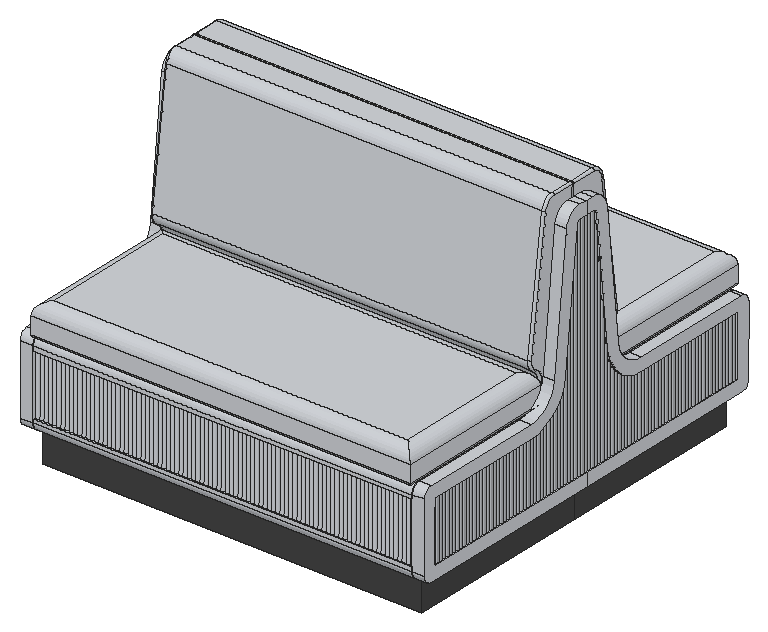
Revit family "Trenton Booth", category Furniture, Revit 2021 (continued)
Forms (mm)
  Extrusion 381, solid, material <- "Wood frame", visible <- "Double"
    from 139.7 to 323.863
  Extrusion 382, solid, material <- "Wood frame", visible <- "Double"
    sketch origin (-635, -88.9, 0) x (1, 0, 0) y (0, 1, 0)
      loop
        line (1231.9, 571.5) -> (1231.9, 558.8)
        arc (1231.9, 558.8) -> (1238.25, 565.15) -> (1231.9, 571.5) r 6.35
    from 139.7 to 323.863
  Extrusion 383, solid, material <- "Wood frame", visible <- "Double"
    sketch origin (-635, -101.6, 0) x (1, 0, 0) y (0, 1, 0)
      loop
        line (1231.9, 571.5) -> (1231.9, 558.8)
        arc (1231.9, 558.8) -> (1238.25, 565.15) -> (1231.9, 571.5) r 6.35
    from 139.7 to 323.863
  Extrusion 384, solid, material <- "Wood frame", visible <- "Double"
    sketch origin (-635, -114.3, 0) x (1, 0, 0) y (0, 1, 0)
      loop
        line (1231.9, 571.5) -> (1231.9, 558.8)
        arc (1231.9, 558.8) -> (1238.25, 565.15) -> (1231.9, 571.5) r 6.35
    from 139.7 to 323.863
  Extrusion 385, solid, material <- "Wood frame", visible <- "Double"
    sketch origin (-635, -127, 0) x (1, 0, 0) y (0, 1, 0)
      loop
        line (1231.9, 571.5) -> (1231.9, 558.8)
        arc (1231.9, 558.8) -> (1238.25, 565.15) -> (1231.9, 571.5) r 6.35
    from 139.7 to 323.863
  Extrusion 386, solid, material <- "Wood frame", visible <- "Double"
    sketch origin (-635, -139.7, 0) x (1, 0, 0) y (0, 1, 0)
      loop
        line (1231.9, 571.5) -> (1231.9, 558.8)
        arc (1231.9, 558.8) -> (1238.25, 565.15) -> (1231.9, 571.5) r 6.35
    from 139.7 to 323.863
  Extrusion 387, solid, material <- "Wood frame", visible <- "Double"
    sketch origin (-635, -152.4, 0) x (1, 0, 0) y (0, 1, 0)
      loop
        line (1231.9, 571.5) -> (1231.9, 558.8)
        arc (1231.9, 558.8) -> (1238.25, 565.15) -> (1231.9, 571.5) r 6.35
    from 139.7 to 323.863
  Extrusion 388, solid, material <- "Wood frame", visible <- "Double"
    sketch origin (-635, -165.1, 0) x (1, 0, 0) y (0, 1, 0)
      loop
        line (1231.9, 571.5) -> (1231.9, 558.8)
        arc (1231.9, 558.8) -> (1238.25, 565.15) -> (1231.9, 571.5) r 6.35
    from 139.7 to 323.863
  Extrusion 389, solid, material <- "Wood frame", visible <- "Double"
    sketch origin (-635, -177.8, 0) x (1, 0, 0) y (0, 1, 0)
      loop
        line (1231.9, 571.5) -> (1231.9, 558.8)
        arc (1231.9, 558.8) -> (1238.25, 565.15) -> (1231.9, 571.5) r 6.35
    from 139.7 to 323.863
  Extrusion 390, solid, material <- "Wood frame", visible <- "Double"
    sketch origin (-635, -190.5, 0) x (1, 0, 0) y (0, 1, 0)
      loop
        line (1231.9, 571.5) -> (1231.9, 558.8)
        arc (1231.9, 558.8) -> (1238.25, 565.15) -> (1231.9, 571.5) r 6.35
    from 139.7 to 323.863
  Extrusion 391, solid, material <- "Wood frame", visible <- "Double"
    sketch origin (-635, -203.2, 0) x (1, 0, 0) y (0, 1, 0)
      loop
        line (1231.9, 571.5) -> (1231.9, 558.8)
        arc (1231.9, 558.8) -> (1238.25, 565.15) -> (1231.9, 571.5) r 6.35
    from 139.7 to 323.863
  Extrusion 392, solid, material <- "Wood frame", visible <- "Double"
    sketch origin (-635, -215.9, 0) x (1, 0, 0) y (0, 1, 0)
      loop
        line (1231.9, 571.5) -> (1231.9, 558.8)
        arc (1231.9, 558.8) -> (1238.25, 565.15) -> (1231.9, 571.5) r 6.35
    from 139.7 to 323.863
  Extrusion 393, solid, material <- "Wood frame", visible <- "Double"
    sketch origin (-635, -228.6, 0) x (1, 0, 0) y (0, 1, 0)
      loop
        line (1231.9, 571.5) -> (1231.9, 558.8)
        arc (1231.9, 558.8) -> (1238.25, 565.15) -> (1231.9, 571.5) r 6.35
    from 139.7 to 323.863
  Extrusion 394, solid, material <- "Wood frame", visible <- "Double"
    sketch origin (-635, -241.3, 0) x (1, 0, 0) y (0, 1, 0)
      loop
        line (1231.9, 571.5) -> (1231.9, 558.8)
        arc (1231.9, 558.8) -> (1238.25, 565.15) -> (1231.9, 571.5) r 6.35
    from 139.7 to 323.863
  Extrusion 395, solid, material <- "Wood frame", visible <- "Double"
    sketch origin (-635, -254, 0) x (1, 0, 0) y (0, 1, 0)
      loop
        line (1231.9, 571.5) -> (1231.9, 558.8)
        arc (1231.9, 558.8) -> (1238.25, 565.15) -> (1231.9, 571.5) r 6.35
    from 139.7 to 323.863
  Extrusion 396, solid, material <- "Wood frame", visible <- "Double"
    sketch origin (-635, -266.7, 0) x (1, 0, 0) y (0, 1, 0)
      loop
        line (1231.9, 571.5) -> (1231.9, 558.8)
        arc (1231.9, 558.8) -> (1238.25, 565.15) -> (1231.9, 571.5) r 6.35
    from 139.7 to 323.863
  Extrusion 397, solid, material <- "Wood frame", visible <- "Double"
    sketch origin (-635, -279.4, 0) x (1, 0, 0) y (0, 1, 0)
      loop
        line (1231.9, 571.5) -> (1231.9, 558.8)
        arc (1231.9, 558.8) -> (1238.25, 565.15) -> (1231.9, 571.5) r 6.35
    from 139.7 to 323.863
  Extrusion 398, solid, material <- "Wood frame", visible <- "Double"
    sketch origin (-635, -292.1, 0) x (1, 0, 0) y (0, 1, 0)
      loop
        line (1231.9, 571.5) -> (1231.9, 558.8)
        arc (1231.9, 558.8) -> (1238.25, 565.15) -> (1231.9, 571.5) r 6.35
    from 139.7 to 323.863
  Extrusion 399, solid, material <- "Wood frame", visible <- "Double"
    sketch origin (-635, -304.8, 0) x (1, 0, 0) y (0, 1, 0)
      loop
        line (1231.9, 571.5) -> (1231.9, 558.8)
        arc (1231.9, 558.8) -> (1238.25, 565.15) -> (1231.9, 571.5) r 6.35
    from 139.7 to 323.863
  Extrusion 400, solid, material <- "Wood frame", visible <- "Double"
    sketch origin (-635, -317.5, 0) x (1, 0, 0) y (0, 1, 0)
      loop
        line (1231.9, 571.5) -> (1231.9, 558.8)
        arc (1231.9, 558.8) -> (1238.25, 565.15) -> (1231.9, 571.5) r 6.35
    from 139.7 to 323.863
  Extrusion 401, solid, material <- "Wood frame", visible <- "Double"
    sketch origin (-635, -330.2, 0) x (1, 0, 0) y (0, 1, 0)
      loop
        line (1231.9, 571.5) -> (1231.9, 558.8)
        arc (1231.9, 558.8) -> (1238.25, 565.15) -> (1231.9, 571.5) r 6.35
    from 139.7 to 323.863
  Extrusion 402, solid, material <- "Wood frame", visible <- "Double"
    sketch origin (-635, -342.9, 0) x (1, 0, 0) y (0, 1, 0)
      loop
        line (1231.9, 571.5) -> (1231.9, 558.8)
        arc (1231.9, 558.8) -> (1238.25, 565.15) -> (1231.9, 571.5) r 6.35
    from 139.7 to 324.839
  Extrusion 403, solid, material <- "Wood frame", visible <- "Double"
    sketch origin (-635, -355.6, 0) x (1, 0, 0) y (0, 1, 0)
      loop
        line (1231.9, 571.5) -> (1231.9, 558.8)
        arc (1231.9, 558.8) -> (1238.25, 565.15) -> (1231.9, 571.5) r 6.35
    from 139.7 to 341.99
  Extrusion 404, solid, material <- "Wood frame", visible <- "Double"
    sketch origin (-635, -368.3, 0) x (1, 0, 0) y (0, 1, 0)
      loop
        line (1231.9, 571.5) -> (1231.9, 558.8)
        arc (1231.9, 558.8) -> (1238.25, 565.15) -> (1231.9, 571.5) r 6.35
    from 139.7 to 341.99
  Extrusion 405, solid, material <- "Wood frame", visible <- "Double"
    sketch origin (-635, -381, 0) x (1, 0, 0) y (0, 1, 0)
      loop
        line (1231.9, 571.5) -> (1231.9, 558.8)
        arc (1231.9, 558.8) -> (1238.25, 565.15) -> (1231.9, 571.5) r 6.35
    from 139.7 to 341.99
  Extrusion 406, solid, material <- "Wood frame", visible <- "Double"
    sketch origin (-635, -393.7, 0) x (1, 0, 0) y (0, 1, 0)
      loop
        line (1231.9, 571.5) -> (1231.9, 558.8)
        arc (1231.9, 558.8) -> (1238.25, 565.15) -> (1231.9, 571.5) r 6.35
    from 139.7 to 341.99
  Extrusion 407, solid, material <- "Wood frame", visible <- "Double"
    sketch origin (-635, -406.4, 0) x (1, 0, 0) y (0, 1, 0)
      loop
        line (1231.9, 571.5) -> (1231.9, 558.8)
        arc (1231.9, 558.8) -> (1238.25, 565.15) -> (1231.9, 571.5) r 6.35
    from 139.7 to 341.99
  Extrusion 408, solid, material <- "Wood frame", visible <- "Double"
    sketch origin (-635, -419.1, 0) x (1, 0, 0) y (0, 1, 0)
      loop
        line (1231.9, 571.5) -> (1231.9, 558.8)
        arc (1231.9, 558.8) -> (1238.25, 565.15) -> (1231.9, 571.5) r 6.35
    from 139.7 to 361.95
  Extrusion 409, solid, material <- "Wood frame", visible <- "Double"
    sketch origin (-635, -431.8, 0) x (1, 0, 0) y (0, 1, 0)
      loop
        line (1231.9, 571.5) -> (1231.9, 558.8)
        arc (1231.9, 558.8) -> (1238.25, 565.15) -> (1231.9, 571.5) r 6.35
    from 139.7 to 361.95
  Extrusion 410, solid, material <- "Wood frame", visible <- "Double"
    sketch origin (-635, -444.5, 0) x (1, 0, 0) y (0, 1, 0)
      loop
        line (1231.9, 571.5) -> (1231.9, 558.8)
        arc (1231.9, 558.8) -> (1238.25, 565.15) -> (1231.9, 571.5) r 6.35
    from 139.7 to 378.749
  Extrusion 411, solid, material <- "Wood frame", visible <- "Double"
    sketch origin (-635, -457.2, 0) x (1, 0, 0) y (0, 1, 0)
      loop
        line (1231.9, 571.5) -> (1231.9, 558.8)
        arc (1231.9, 558.8) -> (1238.25, 565.15) -> (1231.9, 571.5) r 6.35
    from 139.7 to 416.58
  Extrusion 412, solid, material <- "Wood frame", visible <- "Double"
    sketch origin (-635, -469.9, 0) x (1, 0, 0) y (0, 1, 0)
      loop
        line (1231.9, 571.5) -> (1231.9, 558.8)
        arc (1231.9, 558.8) -> (1238.25, 565.15) -> (1231.9, 571.5) r 6.35
    from 139.7 to 416.58
  Extrusion 413, solid, material <- "Wood frame", visible <- "Double"
    sketch origin (-635, -482.6, 0) x (1, 0, 0) y (0, 1, 0)
      loop
        line (1231.9, 571.5) -> (1231.9, 558.8)
        arc (1231.9, 558.8) -> (1238.25, 565.15) -> (1231.9, 571.5) r 6.35
    from 139.7 to 534.528
  Extrusion 414, solid, material <- "Wood frame", visible <- "Double"
    sketch origin (-635, -495.3, 0) x (1, 0, 0) y (0, 1, 0)
      loop
        line (1231.9, 571.5) -> (1231.9, 558.8)
        arc (1231.9, 558.8) -> (1238.25, 565.15) -> (1231.9, 571.5) r 6.35
    from 139.7 to 653.333
  Extrusion 415, solid, material <- "Wood frame", visible <- "Double"
    sketch origin (-635, -508, 0) x (1, 0, 0) y (0, 1, 0)
      loop
        line (1231.9, 571.5) -> (1231.9, 558.8)
        arc (1231.9, 558.8) -> (1238.25, 565.15) -> (1231.9, 571.5) r 6.35
    from 139.7 to 838.2
  Extrusion 416, solid, material <- "Wood frame", visible <- "Double"
    sketch origin (-635, -520.7, 0) x (1, 0, 0) y (0, 1, 0)
      loop
        line (1231.9, 571.5) -> (1231.9, 558.8)
        arc (1231.9, 558.8) -> (1238.25, 565.15) -> (1231.9, 571.5) r 6.35
    from 139.7 to 838.2
  Extrusion 417, solid, material <- "Wood frame", visible <- "Double"
    sketch origin (-635, -533.4, 0) x (1, 0, 0) y (0, 1, 0)
      loop
        line (1231.9, 571.5) -> (1231.9, 558.8)
        arc (1231.9, 558.8) -> (1238.25, 565.15) -> (1231.9, 571.5) r 6.35
    from 139.7 to 838.2
  Extrusion 418, solid, material <- "Wood frame", visible <- "Double"
    sketch origin (-635, -546.1, 0) x (1, 0, 0) y (0, 1, 0)
      loop
        line (1231.9, 571.5) -> (1231.9, 558.8)
        arc (1231.9, 558.8) -> (1238.25, 565.15) -> (1231.9, 571.5) r 6.35
    from 139.7 to 838.2
  Extrusion 419, solid, material <- "Wood frame", visible <- "Double"
    sketch origin (-635, -558.8, 0) x (1, 0, 0) y (0, 1, 0)
      loop
        line (1231.9, 571.5) -> (1231.9, 558.8)
        arc (1231.9, 558.8) -> (1238.25, 565.15) -> (1231.9, 571.5) r 6.35
    from 139.7 to 838.2
  Extrusion 420, solid, material <- "Seat upholstery", visible <- "Double"
    sketch origin (0, 0, 0) x (0, -1, 0) y (0, 0, -1)
      loop
        line (-615.95, -457.2) -> (-127.991, -457.2) -> (-127.991, -361.95) -> (-615.95, -361.95) -> (-615.95, -457.2)
    from -571.5 to 571.5
  Extrusion 421, solid, material <- "Back upholstery", visible <- "Double"
    sketch origin (0, 0, 0) x (0, -1, 0) y (0, 0, -1)
      loop
        line (0, -361.95) -> (-127.32, -361.95) -> (-127.32, -429.427)
        arc (-127.32, -429.427) -> (-132.413, -448.458) -> (-146.332, -462.401) r 38.1
        arc (-146.332, -462.401) -> (-161.42, -478.593) -> (-164.909, -500.449) r 37.948
        line (-164.909, -500.449) -> (-112.457, -881.496)
        arc (-112.457, -881.496) -> (-99.75, -905.019) -> (-74.713, -914.4) r 38.1
        line (-74.713, -914.4) -> (6.35, -914.4)
        arc (6.35, -914.4) -> (1.86, -912.54) -> (0, -908.05) r 6.35
        line (0, -908.05) -> (0, -361.95)
    from -571.5 to 571.5
  Extrusion 422, solid, material <- "Wood frame", visible <- "Double"
    sketch origin (635, 0, 0) x (-1, 0, 0) y (0, -1, 0)
      loop
        arc (1231.9, -571.5) -> (1238.25, -565.15) -> (1231.9, -558.8) r 6.35
        line (1231.9, -558.8) -> (1231.9, -571.5)
    from 139.7 to 323.863
  Extrusion 423, solid, material <- "Wood frame", visible <- "Double"
    sketch origin (635, -12.7, 0) x (-1, 0, 0) y (0, -1, 0)
      loop
        arc (1231.9, -571.5) -> (1238.25, -565.15) -> (1231.9, -558.8) r 6.35
        line (1231.9, -558.8) -> (1231.9, -571.5)
    from 139.7 to 323.863
  Extrusion 424, solid, material <- "Wood frame", visible <- "Double"
    sketch origin (635, -25.4, 0) x (-1, 0, 0) y (0, -1, 0)
      loop
        arc (1231.9, -571.5) -> (1238.25, -565.15) -> (1231.9, -558.8) r 6.35
        line (1231.9, -558.8) -> (1231.9, -571.5)
    from 139.7 to 323.863
  Extrusion 425, solid, material <- "Wood frame", visible <- "Double"
    sketch origin (635, -38.1, 0) x (-1, 0, 0) y (0, -1, 0)
      loop
        arc (1231.9, -571.5) -> (1238.25, -565.15) -> (1231.9, -558.8) r 6.35
        line (1231.9, -558.8) -> (1231.9, -571.5)
    from 139.7 to 323.863
  Extrusion 426, solid, material <- "Wood frame", visible <- "Double"
    sketch origin (635, -50.8, 0) x (-1, 0, 0) y (0, -1, 0)
      loop
        arc (1231.9, -571.5) -> (1238.25, -565.15) -> (1231.9, -558.8) r 6.35
        line (1231.9, -558.8) -> (1231.9, -571.5)
    from 139.7 to 323.863
  Extrusion 427, solid, material <- "Wood frame", visible <- "Double"
    sketch origin (635, -63.5, 0) x (-1, 0, 0) y (0, -1, 0)
      loop
        arc (1231.9, -571.5) -> (1238.25, -565.15) -> (1231.9, -558.8) r 6.35
        line (1231.9, -558.8) -> (1231.9, -571.5)
    from 139.7 to 323.863
  Extrusion 428, solid, material <- "Wood frame", visible <- "Double"
    sketch origin (635, -76.2, 0) x (-1, 0, 0) y (0, -1, 0)
      loop
        arc (1231.9, -571.5) -> (1238.25, -565.15) -> (1231.9, -558.8) r 6.35
        line (1231.9, -558.8) -> (1231.9, -571.5)
    from 139.7 to 323.863
  Extrusion 429, solid, material <- "Wood frame", visible <- "Double"
    sketch origin (635, -88.9, 0) x (-1, 0, 0) y (0, -1, 0)
      loop
        arc (1231.9, -571.5) -> (1238.25, -565.15) -> (1231.9, -558.8) r 6.35
        line (1231.9, -558.8) -> (1231.9, -571.5)
    from 139.7 to 323.863
  Extrusion 430, solid, material <- "Wood frame", visible <- "Double"
    sketch origin (635, -101.6, 0) x (-1, 0, 0) y (0, -1, 0)
      loop
        arc (1231.9, -571.5) -> (1238.25, -565.15) -> (1231.9, -558.8) r 6.35
        line (1231.9, -558.8) -> (1231.9, -571.5)
    from 139.7 to 323.863
  Extrusion 431, solid, material <- "Wood frame", visible <- "Double"
    sketch origin (635, -114.3, 0) x (-1, 0, 0) y (0, -1, 0)
      loop
        arc (1231.9, -571.5) -> (1238.25, -565.15) -> (1231.9, -558.8) r 6.35
        line (1231.9, -558.8) -> (1231.9, -571.5)
    from 139.7 to 323.863
  Extrusion 432, solid, material <- "Wood frame", visible <- "Double"
    sketch origin (635, -127, 0) x (-1, 0, 0) y (0, -1, 0)
      loop
        arc (1231.9, -571.5) -> (1238.25, -565.15) -> (1231.9, -558.8) r 6.35
        line (1231.9, -558.8) -> (1231.9, -571.5)
    from 139.7 to 323.863
  Extrusion 433, solid, material <- "Wood frame", visible <- "Double"
    sketch origin (635, -139.7, 0) x (-1, 0, 0) y (0, -1, 0)
      loop
        arc (1231.9, -571.5) -> (1238.25, -565.15) -> (1231.9, -558.8) r 6.35
        line (1231.9, -558.8) -> (1231.9, -571.5)
    from 139.7 to 323.863
  Extrusion 434, solid, material <- "Wood frame", visible <- "Double"
    sketch origin (635, -152.4, 0) x (-1, 0, 0) y (0, -1, 0)
      loop
        arc (1231.9, -571.5) -> (1238.25, -565.15) -> (1231.9, -558.8) r 6.35
        line (1231.9, -558.8) -> (1231.9, -571.5)
    from 139.7 to 323.863
  Extrusion 435, solid, material <- "Wood frame", visible <- "Double"
    sketch origin (635, -165.1, 0) x (-1, 0, 0) y (0, -1, 0)
      loop
        arc (1231.9, -571.5) -> (1238.25, -565.15) -> (1231.9, -558.8) r 6.35
        line (1231.9, -558.8) -> (1231.9, -571.5)
    from 139.7 to 323.863
  Extrusion 436, solid, material <- "Wood frame", visible <- "Double"
    sketch origin (635, -177.8, 0) x (-1, 0, 0) y (0, -1, 0)
      loop
        arc (1231.9, -571.5) -> (1238.25, -565.15) -> (1231.9, -558.8) r 6.35
        line (1231.9, -558.8) -> (1231.9, -571.5)
    from 139.7 to 323.863
  Extrusion 437, solid, material <- "Wood frame", visible <- "Double"
    sketch origin (635, -190.5, 0) x (-1, 0, 0) y (0, -1, 0)
      loop
        arc (1231.9, -571.5) -> (1238.25, -565.15) -> (1231.9, -558.8) r 6.35
        line (1231.9, -558.8) -> (1231.9, -571.5)
    from 139.7 to 323.863
  Extrusion 438, solid, material <- "Wood frame", visible <- "Double"
    sketch origin (635, -203.2, 0) x (-1, 0, 0) y (0, -1, 0)
      loop
        arc (1231.9, -571.5) -> (1238.25, -565.15) -> (1231.9, -558.8) r 6.35
        line (1231.9, -558.8) -> (1231.9, -571.5)
    from 139.7 to 323.863
  Extrusion 439, solid, material <- "Wood frame", visible <- "Double"
    sketch origin (635, -215.9, 0) x (-1, 0, 0) y (0, -1, 0)
      loop
        arc (1231.9, -571.5) -> (1238.25, -565.15) -> (1231.9, -558.8) r 6.35
        line (1231.9, -558.8) -> (1231.9, -571.5)
    from 139.7 to 323.863
  Extrusion 440, solid, material <- "Wood frame", visible <- "Double"
    sketch origin (635, -228.6, 0) x (-1, 0, 0) y (0, -1, 0)
      loop
        arc (1231.9, -571.5) -> (1238.25, -565.15) -> (1231.9, -558.8) r 6.35
        line (1231.9, -558.8) -> (1231.9, -571.5)
    from 139.7 to 323.863
  Extrusion 441, solid, material <- "Wood frame", visible <- "Double"
    sketch origin (635, -241.3, 0) x (-1, 0, 0) y (0, -1, 0)
      loop
        arc (1231.9, -571.5) -> (1238.25, -565.15) -> (1231.9, -558.8) r 6.35
        line (1231.9, -558.8) -> (1231.9, -571.5)
    from 139.7 to 323.863
  Extrusion 442, solid, material <- "Wood frame", visible <- "Double"
    sketch origin (635, -254, 0) x (-1, 0, 0) y (0, -1, 0)
      loop
        arc (1231.9, -571.5) -> (1238.25, -565.15) -> (1231.9, -558.8) r 6.35
        line (1231.9, -558.8) -> (1231.9, -571.5)
    from 139.7 to 323.863
  Extrusion 443, solid, material <- "Wood frame", visible <- "Double"
    sketch origin (635, -266.7, 0) x (-1, 0, 0) y (0, -1, 0)
      loop
        arc (1231.9, -571.5) -> (1238.25, -565.15) -> (1231.9, -558.8) r 6.35
        line (1231.9, -558.8) -> (1231.9, -571.5)
    from 139.7 to 323.863
  Extrusion 444, solid, material <- "Wood frame", visible <- "Double"
    sketch origin (635, -279.4, 0) x (-1, 0, 0) y (0, -1, 0)
      loop
        arc (1231.9, -571.5) -> (1238.25, -565.15) -> (1231.9, -558.8) r 6.35
        line (1231.9, -558.8) -> (1231.9, -571.5)
    from 139.7 to 323.863
  Extrusion 445, solid, material <- "Wood frame", visible <- "Double"
    sketch origin (635, -292.1, 0) x (-1, 0, 0) y (0, -1, 0)
      loop
        arc (1231.9, -571.5) -> (1238.25, -565.15) -> (1231.9, -558.8) r 6.35
        line (1231.9, -558.8) -> (1231.9, -571.5)
    from 139.7 to 323.863
  Extrusion 446, solid, material <- "Wood frame", visible <- "Double"
    sketch origin (635, -304.8, 0) x (-1, 0, 0) y (0, -1, 0)
      loop
        arc (1231.9, -571.5) -> (1238.25, -565.15) -> (1231.9, -558.8) r 6.35
        line (1231.9, -558.8) -> (1231.9, -571.5)
    from 139.7 to 323.863
  Extrusion 447, solid, material <- "Wood frame", visible <- "Double"
    sketch origin (635, -317.5, 0) x (-1, 0, 0) y (0, -1, 0)
      loop
        arc (1231.9, -571.5) -> (1238.25, -565.15) -> (1231.9, -558.8) r 6.35
        line (1231.9, -558.8) -> (1231.9, -571.5)
    from 139.7 to 323.863
  Extrusion 448, solid, material <- "Wood frame", visible <- "Double"
    sketch origin (635, -330.2, 0) x (-1, 0, 0) y (0, -1, 0)
      loop
        arc (1231.9, -571.5) -> (1238.25, -565.15) -> (1231.9, -558.8) r 6.35
        line (1231.9, -558.8) -> (1231.9, -571.5)
    from 139.7 to 323.863
  Extrusion 449, solid, material <- "Wood frame", visible <- "Double"
    sketch origin (635, -342.9, 0) x (-1, 0, 0) y (0, -1, 0)
      loop
        arc (1231.9, -571.5) -> (1238.25, -565.15) -> (1231.9, -558.8) r 6.35
        line (1231.9, -558.8) -> (1231.9, -571.5)
    from 139.7 to 324.839
  Extrusion 450, solid, material <- "Wood frame", visible <- "Double"
    sketch origin (635, -355.6, 0) x (-1, 0, 0) y (0, -1, 0)
      loop
        arc (1231.9, -571.5) -> (1238.25, -565.15) -> (1231.9, -558.8) r 6.35
        line (1231.9, -558.8) -> (1231.9, -571.5)
    from 139.7 to 341.99
  Extrusion 451, solid, material <- "Wood frame", visible <- "Double"
    sketch origin (635, -368.3, 0) x (-1, 0, 0) y (0, -1, 0)
      loop
        arc (1231.9, -571.5) -> (1238.25, -565.15) -> (1231.9, -558.8) r 6.35
        line (1231.9, -558.8) -> (1231.9, -571.5)
    from 139.7 to 341.99
  Extrusion 452, solid, material <- "Wood frame", visible <- "Double"
    sketch origin (635, -381, 0) x (-1, 0, 0) y (0, -1, 0)
      loop
        arc (1231.9, -571.5) -> (1238.25, -565.15) -> (1231.9, -558.8) r 6.35
        line (1231.9, -558.8) -> (1231.9, -571.5)
    from 139.7 to 341.99
  Extrusion 453, solid, material <- "Wood frame", visible <- "Double"
    sketch origin (635, -393.7, 0) x (-1, 0, 0) y (0, -1, 0)
      loop
        arc (1231.9, -571.5) -> (1238.25, -565.15) -> (1231.9, -558.8) r 6.35
        line (1231.9, -558.8) -> (1231.9, -571.5)
    from 139.7 to 341.99
  Extrusion 454, solid, material <- "Wood frame", visible <- "Double"
    sketch origin (635, -406.4, 0) x (-1, 0, 0) y (0, -1, 0)
      loop
        arc (1231.9, -571.5) -> (1238.25, -565.15) -> (1231.9, -558.8) r 6.35
        line (1231.9, -558.8) -> (1231.9, -571.5)
    from 139.7 to 341.99
  Extrusion 455, solid, material <- "Wood frame", visible <- "Double"
    sketch origin (635, -419.1, 0) x (-1, 0, 0) y (0, -1, 0)
      loop
        arc (1231.9, -571.5) -> (1238.25, -565.15) -> (1231.9, -558.8) r 6.35
        line (1231.9, -558.8) -> (1231.9, -571.5)
    from 139.7 to 361.95
  Extrusion 456, solid, material <- "Wood frame", visible <- "Double"
    sketch origin (635, -431.8, 0) x (-1, 0, 0) y (0, -1, 0)
      loop
        arc (1231.9, -571.5) -> (1238.25, -565.15) -> (1231.9, -558.8) r 6.35
        line (1231.9, -558.8) -> (1231.9, -571.5)
    from 139.7 to 361.95
  Extrusion 457, solid, material <- "Wood frame", visible <- "Double"
    sketch origin (635, -444.5, 0) x (-1, 0, 0) y (0, -1, 0)
      loop
        arc (1231.9, -571.5) -> (1238.25, -565.15) -> (1231.9, -558.8) r 6.35
        line (1231.9, -558.8) -> (1231.9, -571.5)
    from 139.7 to 378.749
  Extrusion 458, solid, material <- "Wood frame", visible <- "Double"
    sketch origin (635, -457.2, 0) x (-1, 0, 0) y (0, -1, 0)
      loop
        arc (1231.9, -571.5) -> (1238.25, -565.15) -> (1231.9, -558.8) r 6.35
        line (1231.9, -558.8) -> (1231.9, -571.5)
    from 139.7 to 416.58
  Extrusion 459, solid, material <- "Wood frame", visible <- "Double"
    sketch origin (635, -469.9, 0) x (-1, 0, 0) y (0, -1, 0)
      loop
        arc (1231.9, -571.5) -> (1238.25, -565.15) -> (1231.9, -558.8) r 6.35
        line (1231.9, -558.8) -> (1231.9, -571.5)
    from 139.7 to 416.58
  Extrusion 460, solid, material <- "Wood frame", visible <- "Double"
    sketch origin (635, -482.6, 0) x (-1, 0, 0) y (0, -1, 0)
      loop
        arc (1231.9, -571.5) -> (1238.25, -565.15) -> (1231.9, -558.8) r 6.35
        line (1231.9, -558.8) -> (1231.9, -571.5)
    from 139.7 to 534.528
  Extrusion 461, solid, material <- "Wood frame", visible <- "Double"
    sketch origin (635, -495.3, 0) x (-1, 0, 0) y (0, -1, 0)
      loop
        arc (1231.9, -571.5) -> (1238.25, -565.15) -> (1231.9, -558.8) r 6.35
        line (1231.9, -558.8) -> (1231.9, -571.5)
    from 139.7 to 653.333
  Extrusion 462, solid, material <- "Wood frame", visible <- "Double"
    sketch origin (635, -508, 0) x (-1, 0, 0) y (0, -1, 0)
      loop
        arc (1231.9, -571.5) -> (1238.25, -565.15) -> (1231.9, -558.8) r 6.35
        line (1231.9, -558.8) -> (1231.9, -571.5)
    from 139.7 to 838.2
  Extrusion 463, solid, material <- "Wood frame", visible <- "Double"
    sketch origin (635, -520.7, 0) x (-1, 0, 0) y (0, -1, 0)
      loop
        arc (1231.9, -571.5) -> (1238.25, -565.15) -> (1231.9, -558.8) r 6.35
        line (1231.9, -558.8) -> (1231.9, -571.5)
    from 139.7 to 838.2
  Extrusion 464, solid, material <- "Wood frame", visible <- "Double"
    sketch origin (635, -533.4, 0) x (-1, 0, 0) y (0, -1, 0)
      loop
        arc (1231.9, -571.5) -> (1238.25, -565.15) -> (1231.9, -558.8) r 6.35
        line (1231.9, -558.8) -> (1231.9, -571.5)
    from 139.7 to 838.2
  Extrusion 465, solid, material <- "Wood frame", visible <- "Double"
    sketch origin (635, -546.1, 0) x (-1, 0, 0) y (0, -1, 0)
      loop
        arc (1231.9, -571.5) -> (1238.25, -565.15) -> (1231.9, -558.8) r 6.35
        line (1231.9, -558.8) -> (1231.9, -571.5)
    from 139.7 to 838.2
  Extrusion 466, solid, material <- "Wood frame", visible <- "Double"
    sketch origin (635, -558.8, 0) x (-1, 0, 0) y (0, -1, 0)
      loop
        arc (1231.9, -571.5) -> (1238.25, -565.15) -> (1231.9, -558.8) r 6.35
        line (1231.9, -558.8) -> (1231.9, -571.5)
    from 139.7 to 838.2
  Sweep 467, void
    path in 3D
      loop
        line (-571.5, -615.95, 457.2) -> (-571.5, -127.991, 457.2) -> (571.5, -127.991, 457.2) -> (571.5, -615.95, 457.2) -> (-571.5, -615.95, 457.2)
    profile origin (0, -615.95, 457.2) x (0, -1, 0) y (0, 0, 1)
      loop
        line (0, 0) -> (-38.1, 0)
        arc (-38.1, 0) -> (-11.159, -11.159) -> (0, -38.1) r 38.1
        line (0, -38.1) -> (0, 0)
  Sweep 468, void
    path in 3D
      loop
        line (-571.5, -615.95, 361.95) -> (-571.5, -127.991, 361.95) -> (571.5, -127.991, 361.95) -> (571.5, -615.95, 361.95) -> (-571.5, -615.95, 361.95)
    profile origin (0, -615.95, 361.95) x (0, 1, 0) y (0, 0, -1)
      loop
        line (0, 0) -> (0, -6.35)
        arc (0, -6.35) -> (1.86, -1.86) -> (6.35, 0) r 6.35
        line (6.35, 0) -> (0, 0)
  Sweep 469, void
    path in 3D
      loop
        line (-571.5, 127.991, 457.2) -> (-571.5, 615.95, 457.2) -> (571.5, 615.95, 457.2) -> (571.5, 127.991, 457.2) -> (-571.5, 127.991, 457.2)
    profile origin (0, 127.991, 457.2) x (0, -1, 0) y (0, 0, 1)
      loop
        line (0, 0) -> (-38.1, 0)
        arc (-38.1, 0) -> (-11.159, -11.159) -> (0, -38.1) r 38.1
        line (0, -38.1) -> (0, 0)
  Sweep 470, void
    path in 3D
      loop
        line (-571.5, 127.991, 361.95) -> (-571.5, 615.95, 361.95) -> (571.5, 615.95, 361.95) -> (571.5, 127.991, 361.95) -> (-571.5, 127.991, 361.95)
    profile origin (0, 127.991, 361.95) x (0, 1, 0) y (0, 0, -1)
      loop
        line (0, 0) -> (0, -6.35)
        arc (0, -6.35) -> (1.86, -1.86) -> (6.35, 0) r 6.35
        line (6.35, 0) -> (0, 0)
  Sweep 471, void
    path in 3D
      loop
        arc (571.5, -74.713, 914.4) -> (571.5, -99.759, 905.011) -> (571.5, -112.461, 881.471) r 38.1
        line (571.5, -112.461, 881.471) -> (571.5, -164.909, 500.449)
        arc (571.5, -164.909, 500.449) -> (571.5, -161.42, 478.593) -> (571.5, -146.332, 462.401) r 37.948
        arc (571.5, -146.332, 462.401) -> (571.5, -132.413, 448.458) -> (571.5, -127.32, 429.427) r 38.1
        line (571.5, -127.32, 429.427) -> (571.5, -127.32, 361.95) -> (571.5, 0, 361.95) -> (571.5, 0, 908.05)
        arc (571.5, 0, 908.05) -> (571.5, -1.86, 912.54) -> (571.5, -6.35, 914.4) r 6.35
        line (571.5, -6.35, 914.4) -> (571.5, -74.713, 914.4)
    profile origin (571.5, -40.532, 914.4) x (1, 0, 0) y (0, 0, 1)
      loop
        line (0, 0) -> (-6.35, 0)
        arc (-6.35, 0) -> (-1.86, -1.86) -> (0, -6.35) r 6.35
        line (0, -6.35) -> (0, 0)
  Sweep 472, void
    path in 3D
      loop
        arc (-571.5, -74.713, 914.4) -> (-571.5, -99.759, 905.011) -> (-571.5, -112.461, 881.471) r 38.1
        line (-571.5, -112.461, 881.471) -> (-571.5, -164.909, 500.449)
        arc (-571.5, -164.909, 500.449) -> (-571.5, -161.42, 478.593) -> (-571.5, -146.332, 462.401) r 37.948
        arc (-571.5, -146.332, 462.401) -> (-571.5, -132.413, 448.458) -> (-571.5, -127.32, 429.427) r 38.1
        line (-571.5, -127.32, 429.427) -> (-571.5, -127.32, 361.95) -> (-571.5, 0, 361.95) -> (-571.5, 0, 908.05)
        arc (-571.5, 0, 908.05) -> (-571.5, -1.86, 912.54) -> (-571.5, -6.35, 914.4) r 6.35
        line (-571.5, -6.35, 914.4) -> (-571.5, -74.713, 914.4)
    profile origin (-571.5, -40.532, 914.4) x (1, 0, 0) y (0, 0, 1)
      loop
        line (0, 0) -> (0, -6.35)
        arc (0, -6.35) -> (1.86, -1.86) -> (6.35, 0) r 6.35
        line (6.35, 0) -> (0, 0)
  Extrusion 473, solid, material <- "Wood frame", visible <- "Double"
    sketch origin (0, 1270, 0) x (0, -1, 0) y (0, 0, -1)
      loop
        line (1270, -876.3) -> (1270, -838.2) -> (1245.618, -838.2)
        arc (1245.618, -838.2) -> (1237.148, -834.963) -> (1232.996, -826.902) r 12.7
        line (1232.996, -826.902) -> (1188.706, -436.541)
        arc (1188.706, -436.541) -> (1147.104, -356.126) -> (1062.511, -323.854) r 127.004
        line (1062.511, -323.854) -> (698.5, -323.854) -> (698.5, -139.7) -> (1270, -139.7) -> (1270, -101.6) -> (685.8, -101.6)
        arc (685.8, -101.6) -> (667.839, -109.039) -> (660.4, -127) r 25.4
        line (660.4, -127) -> (660.4, -336.55)
        arc (660.4, -336.55) -> (667.839, -354.511) -> (685.8, -361.95) r 25.4
        line (685.8, -361.95) -> (1063.431, -361.95)
        arc (1063.431, -361.95) -> (1122.72, -384.608) -> (1151.787, -441.033) r 88.9
        line (1151.787, -441.033) -> (1195.129, -831.11)
        arc (1195.129, -831.11) -> (1211.739, -863.353) -> (1245.618, -876.3) r 50.8
        line (1245.618, -876.3) -> (1270, -876.3)
    from 571.5 to 609.6
  Extrusion 474, solid, material <- "Wood frame", visible <- "Double"
    sketch origin (0, 1270, 0) x (0, -1, 0) y (0, 0, 1)
      loop
        line (1270, 876.3) -> (1245.618, 876.3)
        arc (1245.618, 876.3) -> (1211.739, 863.353) -> (1195.129, 831.11) r 50.8
        line (1195.129, 831.11) -> (1151.787, 441.033)
        arc (1151.787, 441.033) -> (1122.72, 384.608) -> (1063.431, 361.95) r 88.9
        line (1063.431, 361.95) -> (685.8, 361.95)
        arc (685.8, 361.95) -> (667.839, 354.511) -> (660.4, 336.55) r 25.4
        line (660.4, 336.55) -> (660.4, 127)
        arc (660.4, 127) -> (667.839, 109.039) -> (685.8, 101.6) r 25.4
        line (685.8, 101.6) -> (1270, 101.6) -> (1270, 139.7) -> (698.5, 139.7) -> (698.5, 323.72) -> (1061.937, 323.72)
        arc (1061.937, 323.72) -> (1146.674, 356.045) -> (1188.353, 436.594) r 127.229
        line (1188.353, 436.594) -> (1232.996, 826.902)
        arc (1232.996, 826.902) -> (1237.148, 834.963) -> (1245.618, 838.2) r 12.7
        line (1245.618, 838.2) -> (1270, 838.2) -> (1270, 876.3)
    from 571.5 to 609.6
  Extrusion 475, solid, material <- "Back upholstery", visible <- "Double"
    sketch origin (0, 0, 0) x (1, 0, 0) y (0, 1, 0)
      loop
        line (571.5, -6.35) -> (571.5, 0) -> (565.15, 0)
        arc (565.15, 0) -> (569.64, -1.86) -> (571.5, -6.35) r 6.35
    from 361.95 to 908.05
  Sweep 476, void
    path in 3D
      loop
        line (571.5, 127.32, 361.95) -> (571.5, 127.32, 429.427)
        arc (571.5, 127.32, 429.427) -> (571.5, 132.413, 448.458) -> (571.5, 146.332, 462.401) r 38.1
        arc (571.5, 146.332, 462.401) -> (571.5, 161.42, 478.593) -> (571.5, 164.909, 500.449) r 37.948
        line (571.5, 164.909, 500.449) -> (571.5, 112.457, 881.496)
        arc (571.5, 112.457, 881.496) -> (571.5, 99.75, 905.019) -> (571.5, 74.713, 914.4) r 38.1
        line (571.5, 74.713, 914.4) -> (571.5, -6.35, 914.4)
    profile origin (571.5, 34.182, 914.4) x (1, 0, 0) y (0, 0, 1)
      loop
        arc (-6.35, 0) -> (-1.86, -1.86) -> (0, -6.35) r 6.35
        line (0, -6.35) -> (0, 0) -> (-6.35, 0)
  Extrusion 477, solid, material <- "Back upholstery", visible <- "Double"
    sketch origin (0, 0, 0) x (1, 0, 0) y (0, 0, 1)
      loop
        arc (571.5, 908.05) -> (569.64, 912.54) -> (565.15, 914.4) r 6.35
        line (565.15, 914.4) -> (565.15, 908.05) -> (571.5, 908.05)
    from 0 to 6.35
  Extrusion 478, solid, material <- "Back upholstery", visible <- "Double"
    sketch origin (0, 0, 0) x (-1, 0, 0) y (0, -1, 0)
      loop
        arc (571.5, 6.35) -> (569.64, 1.86) -> (565.15, 0) r 6.35
        line (565.15, 0) -> (571.5, 0) -> (571.5, 6.35)
    from 361.95 to 908.05
  Sweep 479, void
    path in 3D
      loop
        line (-571.5, 127.32, 361.95) -> (-571.5, 127.32, 429.427)
        arc (-571.5, 127.32, 429.427) -> (-571.5, 132.413, 448.458) -> (-571.5, 146.332, 462.401) r 38.1
        arc (-571.5, 146.332, 462.401) -> (-571.5, 161.42, 478.593) -> (-571.5, 164.909, 500.449) r 37.948
        line (-571.5, 164.909, 500.449) -> (-571.5, 112.457, 881.496)
        arc (-571.5, 112.457, 881.496) -> (-571.5, 99.75, 905.019) -> (-571.5, 74.713, 914.4) r 38.1
        line (-571.5, 74.713, 914.4) -> (-571.5, -6.35, 914.4)
    profile origin (-571.5, 34.182, 914.4) x (1, 0, 0) y (0, 0, 1)
      loop
        line (6.35, 0) -> (0, 0) -> (0, -6.35)
        arc (0, -6.35) -> (1.86, -1.86) -> (6.35, 0) r 6.35
  Extrusion 480, solid, material <- "Back upholstery", visible <- "Double"
    sketch origin (0, 0, 0) x (-1, 0, 0) y (0, 0, -1)
      loop
        line (571.5, -908.05) -> (565.15, -908.05) -> (565.15, -914.4)
        arc (565.15, -914.4) -> (569.64, -912.54) -> (571.5, -908.05) r 6.35
    from 0 to 6.35
Cuts and joins
  joined: Extrusion 186, Extrusion 187, Extrusion 188, Extrusion 189, Extrusion 190, Extrusion 191, Extrusion 192, Extrusion 193, Extrusion 194, Extrusion 195, Extrusion 196, Extrusion 197, Extrusion 198, Extrusion 199, Extrusion 200, Extrusion 201, Extrusion 202, Extrusion 203, Extrusion 204, Extrusion 205, Extrusion 206, Extrusion 207, Extrusion 208, Extrusion 209, Extrusion 210, Extrusion 211, Extrusion 212, Extrusion 213, Extrusion 214, Extrusion 215, Extrusion 216, Extrusion 217, Extrusion 218, Extrusion 219, Extrusion 220, Extrusion 221, Extrusion 222, Extrusion 223, Extrusion 224, Extrusion 225, Extrusion 226, Extrusion 227, Extrusion 228, Extrusion 229, Extrusion 230
  Sweep 467, Sweep 468 cuts Extrusion 233
  Sweep 469, Sweep 470 cuts Extrusion 420
  Sweep 471 cuts Extrusion 2
  Sweep 471, Sweep 472 cuts Extrusion 234
  Sweep 476, Sweep 479 cuts Extrusion 283
  Sweep 476, Sweep 479 cuts Extrusion 473
  Sweep 479 cuts Extrusion 115
  Sweep 471, Sweep 476, Sweep 479 cuts Extrusion 421
  Sweep 476, Sweep 479 cuts Extrusion 475
  Sweep 479 cuts Extrusion 477
  Sweep 479 cuts Extrusion 480
  joined: Extrusion 115, Extrusion 421, Extrusion 475, Extrusion 477, Extrusion 478, Extrusion 480
Lines and regions (mm)
  sketch lines
    curve 1: line (571.5, -615.95, 457.2) -> (-571.5, -615.95, 457.2)
    curve 2: line (-571.5, -615.95, 457.2) -> (-571.5, -127.991, 457.2)
    curve 3: line (571.5, -127.991, 457.2) -> (-571.5, -127.991, 457.2)
    curve 4: line (571.5, -127.991, 457.2) -> (571.5, -615.95, 457.2)
    curve 5: line (571.5, -615.95, 361.95) -> (-571.5, -615.95, 361.95)
    curve 6: line (-571.5, -127.991, 361.95) -> (-571.5, -615.95, 361.95)
    curve 7: line (571.5, -127.991, 361.95) -> (-571.5, -127.991, 361.95)
    curve 8: line (571.5, -615.95, 361.95) -> (571.5, -127.991, 361.95)
    curve 9: line (571.5, 127.991, 457.2) -> (-571.5, 127.991, 457.2)
    curve 10: line (-571.5, 127.991, 457.2) -> (-571.5, 615.95, 457.2)
    curve 11: line (571.5, 615.95, 457.2) -> (-571.5, 615.95, 457.2)
    curve 12: line (571.5, 615.95, 457.2) -> (571.5, 127.991, 457.2)
    curve 13: line (571.5, 127.991, 361.95) -> (-571.5, 127.991, 361.95)
    curve 14: line (-571.5, 615.95, 361.95) -> (-571.5, 127.991, 361.95)
    curve 15: line (571.5, 615.95, 361.95) -> (-571.5, 615.95, 361.95)
    curve 16: line (571.5, 127.991, 361.95) -> (571.5, 615.95, 361.95)
    curve 17: line (571.5, -6.35, 914.4) -> (571.5, -74.713, 914.4)
    curve 18: arc (571.5, -6.35, 914.4) -> (571.5, -1.86, 912.54) -> (571.5, 0, 908.05) r 6.35
    curve 19: arc (571.5, -112.461, 881.471) -> (571.5, -99.759, 905.011) -> (571.5, -74.713, 914.4) r 38.1
    curve 20: line (571.5, -112.461, 881.471) -> (571.5, -164.909, 500.449)
    curve 21: line (571.5, 0, 908.05) -> (571.5, 0, 361.95)
    curve 22: arc (571.5, -146.332, 462.401) -> (571.5, -161.42, 478.593) -> (571.5, -164.909, 500.449) r 37.948
    curve 23: arc (571.5, -127.32, 429.427) -> (571.5, -132.413, 448.458) -> (571.5, -146.332, 462.401) r 38.1
    curve 24: line (571.5, -127.32, 429.427) -> (571.5, -127.32, 361.95)
    curve 25: line (571.5, -127.32, 361.95) -> (571.5, 0, 361.95)
    curve 26: line (-571.5, -6.35, 914.4) -> (-571.5, -74.713, 914.4)
    curve 27: arc (-571.5, -6.35, 914.4) -> (-571.5, -1.86, 912.54) -> (-571.5, 0, 908.05) r 6.35
    curve 28: arc (-571.5, -112.461, 881.471) -> (-571.5, -99.759, 905.011) -> (-571.5, -74.713, 914.4) r 38.1
    curve 29: line (-571.5, -112.461, 881.471) -> (-571.5, -164.909, 500.449)
    curve 30: line (-571.5, 0, 908.05) -> (-571.5, 0, 361.95)
    curve 31: arc (-571.5, -146.332, 462.401) -> (-571.5, -161.42, 478.593) -> (-571.5, -164.909, 500.449) r 37.948
    curve 32: arc (-571.5, -127.32, 429.427) -> (-571.5, -132.413, 448.458) -> (-571.5, -146.332, 462.401) r 38.1
    curve 33: line (-571.5, -127.32, 429.427) -> (-571.5, -127.32, 361.95)
    curve 34: line (-571.5, -127.32, 361.95) -> (-571.5, 0, 361.95)
    curve 35: line (571.5, 74.713, 914.4) -> (571.5, -6.35, 914.4)
    curve 36: arc (571.5, 74.713, 914.4) -> (571.5, 99.75, 905.019) -> (571.5, 112.457, 881.496) r 38.1
    curve 37: line (571.5, 164.909, 500.449) -> (571.5, 112.457, 881.496)
    curve 38: arc (571.5, 164.909, 500.449) -> (571.5, 161.42, 478.593) -> (571.5, 146.332, 462.401) r 37.948
    curve 39: arc (571.5, 146.332, 462.401) -> (571.5, 132.413, 448.458) -> (571.5, 127.32, 429.427) r 38.1
    curve 40: line (571.5, 127.32, 361.95) -> (571.5, 127.32, 429.427)
    curve 41: line (-571.5, 74.713, 914.4) -> (-571.5, -6.35, 914.4)
    curve 42: arc (-571.5, 74.713, 914.4) -> (-571.5, 99.75, 905.019) -> (-571.5, 112.457, 881.496) r 38.1
    curve 43: line (-571.5, 164.909, 500.449) -> (-571.5, 112.457, 881.496)
    curve 44: arc (-571.5, 164.909, 500.449) -> (-571.5, 161.42, 478.593) -> (-571.5, 146.332, 462.401) r 37.948
    curve 45: arc (-571.5, 146.332, 462.401) -> (-571.5, 132.413, 448.458) -> (-571.5, 127.32, 429.427) r 38.1
    curve 46: line (-571.5, 127.32, 361.95) -> (-571.5, 127.32, 429.427)
Dimensions and locks
  equal spacing: plane 4, plane 3 "Center Left/Right", plane 5
  "Width": plane 4 to plane 5
  equal spacing: plane 6, plane 1 "Center Front/Back", plane 7
  "Depth": plane 6 to plane 7
  "Height": plane 8 to plane 2
  locked: plane 1 "Center Front/Back" to plane 9 at 38.1
  locked: plane 11 to plane 10 at 1143
  plane 7 to plane 14 = 1 3/4"
  plane 13 to plane 15 = 3 3/4"
  aligned and locked: level to plane 2
  aligned and locked: plane 10 to Extrusion 1
  aligned and locked: plane 11 to Extrusion 1
  aligned and locked: plane 10 to Extrusion 2
  aligned and locked: plane 11 to Extrusion 2
  aligned and locked: plane 10 to Extrusion 3
  aligned and locked: plane 11 to Extrusion 3
  aligned and locked: plane 10 to Extrusion 5
  aligned and locked: plane 11 to Extrusion 5
  aligned and locked: plane 11 to Extrusion 4
  aligned and locked: plane 10 to Extrusion 4
  aligned and locked: Extrusion 6 to Extrusion 4
  aligned and locked: Extrusion 6 to Extrusion 5
  aligned and locked: Extrusion 96 to Extrusion 3
  aligned and locked: Extrusion 96 to Extrusion 2
  aligned and locked: plane 5 to Extrusion 231
  aligned and locked: Extrusion 231 to plane 10
  aligned and locked: plane 5 to Extrusion 232
  aligned and locked: Extrusion 232 to plane 10
  aligned and locked: plane 10 to Extrusion 233
  aligned and locked: plane 11 to Extrusion 233
  aligned and locked: plane 10 to Extrusion 234
  aligned and locked: plane 11 to Extrusion 234
  aligned and locked: Extrusion 283 to Extrusion 285
  aligned and locked: Extrusion 284 to Extrusion 285
  aligned and locked: Extrusion 4 to plane 1 "Center Front/Back"
  aligned and locked: plane 1 "Center Front/Back" to Extrusion 283
  aligned and locked: Extrusion 213 to Extrusion 4
  aligned and locked: Extrusion 262 to Extrusion 4
  aligned and locked: plane 15 to Extrusion 475
  aligned and locked: Extrusion 477 to plane 1 "Center Front/Back"
Automatic sketch dimensions
  Extrusion 1 sketch curve to level = 0"
  Extrusion 1 sketch curve to plane 14 = 0"
  Extrusion 1 sketch curve to plane 1 "Center Front/Back" = 0"
  Extrusion 1 sketch curve to plane 12 = 0"
  Extrusion 2 sketch curve to plane 1 "Center Front/Back" = 0"
  Extrusion 2 sketch curve to plane 16 = 0"
  Extrusion 2 sketch curve to plane 9 = 0"
  Extrusion 2 sketch curve to plane 1 "Center Front/Back" = 1/2"
  Extrusion 2 sketch curve to Extrusion 2 sketch curve = 1/2"
  Extrusion 3 sketch curve to plane 1 "Center Front/Back" = 0"
  Extrusion 3 sketch curve to plane 12 = 0"
  Extrusion 3 sketch curve to plane 9 = 0"
  Extrusion 3 sketch curve to plane 1 "Center Front/Back" = 1/2"
  Extrusion 3 sketch curve to Extrusion 3 sketch curve = 1/2"
  plane 15 to Extrusion 4 sketch curve = 0"
  Extrusion 4 sketch curve to plane 1 "Center Front/Back" = 0"
  Extrusion 4 sketch curve to plane 14 = 1/2"
  plane 7 to Extrusion 4 sketch curve = 1/4"
  plane 15 to Extrusion 4 sketch curve = 1.49948"
  Extrusion 5 sketch curve to plane 12 = 0"
  Extrusion 5 sketch curve to plane 14 = 0"
  Extrusion 5 sketch curve to Extrusion 5 sketch curve = 1/2"  (x2)
  plane 7 to Extrusion 5 sketch curve = 1/4"
  Extrusion 6 sketch curve to plane 10 = 0"
  Extrusion 6 sketch curve to Extrusion 6 sketch curve = 1/4"
  plane 7 to Extrusion 6 sketch curve = 3/4"
  Extrusion 6 sketch curve to Extrusion 6 sketch curve = 0"
  Extrusion 7 sketch curve to plane 10 = 3/4"
  Extrusion 7 sketch curve to Extrusion 7 sketch curve = 1/4"
  plane 7 to Extrusion 7 sketch curve = 3/4"
  Extrusion 7 sketch curve to Extrusion 7 sketch curve = 0"
  Extrusion 8 sketch curve to plane 10 = 1 1/4"
  Extrusion 8 sketch curve to Extrusion 8 sketch curve = 1/4"
  plane 7 to Extrusion 8 sketch curve = 3/4"
  Extrusion 8 sketch curve to Extrusion 8 sketch curve = 0"
  plane 7 to Extrusion 9 sketch curve = 3/4"
  Extrusion 9 sketch curve to plane 10 = 1 3/4"
  Extrusion 9 sketch curve to Extrusion 9 sketch curve = 1/4"
  Extrusion 9 sketch curve to Extrusion 9 sketch curve = 0"
  plane 7 to Extrusion 10 sketch curve = 3/4"
  Extrusion 10 sketch curve to plane 10 = 2 1/4"
  Extrusion 10 sketch curve to Extrusion 10 sketch curve = 1/4"
  Extrusion 10 sketch curve to Extrusion 10 sketch curve = 0"
  plane 7 to Extrusion 11 sketch curve = 3/4"
  Extrusion 11 sketch curve to plane 10 = 2 3/4"
  Extrusion 11 sketch curve to Extrusion 11 sketch curve = 1/4"
  Extrusion 11 sketch curve to Extrusion 11 sketch curve = 0"
  plane 7 to Extrusion 12 sketch curve = 3/4"
  Extrusion 12 sketch curve to plane 10 = 3 1/4"
  Extrusion 12 sketch curve to Extrusion 12 sketch curve = 1/4"
  Extrusion 12 sketch curve to Extrusion 12 sketch curve = 0"
  plane 7 to Extrusion 13 sketch curve = 3/4"
  Extrusion 13 sketch curve to plane 10 = 3 3/4"
  Extrusion 13 sketch curve to Extrusion 13 sketch curve = 1/4"
  Extrusion 13 sketch curve to Extrusion 13 sketch curve = 0"
  plane 7 to Extrusion 14 sketch curve = 3/4"
  Extrusion 14 sketch curve to plane 10 = 4 1/4"
  Extrusion 14 sketch curve to Extrusion 14 sketch curve = 1/4"
  Extrusion 14 sketch curve to Extrusion 14 sketch curve = 0"
  plane 7 to Extrusion 15 sketch curve = 3/4"
  Extrusion 15 sketch curve to plane 10 = 4 3/4"
  Extrusion 15 sketch curve to Extrusion 15 sketch curve = 1/4"
  Extrusion 15 sketch curve to Extrusion 15 sketch curve = 0"
  plane 7 to Extrusion 16 sketch curve = 3/4"
  Extrusion 16 sketch curve to plane 10 = 5 1/4"
  Extrusion 16 sketch curve to Extrusion 16 sketch curve = 1/4"
  Extrusion 16 sketch curve to Extrusion 16 sketch curve = 0"
  plane 7 to Extrusion 17 sketch curve = 3/4"
  Extrusion 17 sketch curve to plane 10 = 5 3/4"
  Extrusion 17 sketch curve to Extrusion 17 sketch curve = 1/4"
  Extrusion 17 sketch curve to Extrusion 17 sketch curve = 0"
  plane 7 to Extrusion 18 sketch curve = 3/4"
  Extrusion 18 sketch curve to plane 10 = 6 1/4"
  Extrusion 18 sketch curve to Extrusion 18 sketch curve = 1/4"
  Extrusion 18 sketch curve to Extrusion 18 sketch curve = 0"
  plane 7 to Extrusion 19 sketch curve = 3/4"
  Extrusion 19 sketch curve to plane 10 = 6 3/4"
  Extrusion 19 sketch curve to Extrusion 19 sketch curve = 1/4"
  Extrusion 19 sketch curve to Extrusion 19 sketch curve = 0"
  plane 7 to Extrusion 20 sketch curve = 3/4"
  Extrusion 20 sketch curve to plane 10 = 7 1/4"
  Extrusion 20 sketch curve to Extrusion 20 sketch curve = 1/4"
  Extrusion 20 sketch curve to Extrusion 20 sketch curve = 0"
  plane 7 to Extrusion 21 sketch curve = 3/4"
  Extrusion 21 sketch curve to plane 10 = 7 3/4"
  Extrusion 21 sketch curve to Extrusion 21 sketch curve = 1/4"
  Extrusion 21 sketch curve to Extrusion 21 sketch curve = 0"
  plane 7 to Extrusion 22 sketch curve = 3/4"
  Extrusion 22 sketch curve to plane 10 = 8 1/4"
  Extrusion 22 sketch curve to Extrusion 22 sketch curve = 1/4"
  Extrusion 22 sketch curve to Extrusion 22 sketch curve = 0"
  plane 7 to Extrusion 23 sketch curve = 3/4"
  Extrusion 23 sketch curve to plane 10 = 8 3/4"
  Extrusion 23 sketch curve to Extrusion 23 sketch curve = 1/4"
  Extrusion 23 sketch curve to Extrusion 23 sketch curve = 0"
  plane 7 to Extrusion 24 sketch curve = 3/4"
  Extrusion 24 sketch curve to plane 10 = 9 1/4"
  Extrusion 24 sketch curve to Extrusion 24 sketch curve = 1/4"
  Extrusion 24 sketch curve to Extrusion 24 sketch curve = 0"
  plane 7 to Extrusion 25 sketch curve = 3/4"
  Extrusion 25 sketch curve to plane 10 = 9 3/4"
  Extrusion 25 sketch curve to Extrusion 25 sketch curve = 1/4"
  Extrusion 25 sketch curve to Extrusion 25 sketch curve = 0"
  plane 7 to Extrusion 26 sketch curve = 3/4"
  Extrusion 26 sketch curve to plane 10 = 10 1/4"
  Extrusion 26 sketch curve to Extrusion 26 sketch curve = 1/4"
  Extrusion 26 sketch curve to Extrusion 26 sketch curve = 0"
  plane 7 to Extrusion 27 sketch curve = 3/4"
  Extrusion 27 sketch curve to plane 10 = 10 3/4"
  Extrusion 27 sketch curve to Extrusion 27 sketch curve = 1/4"
  Extrusion 27 sketch curve to Extrusion 27 sketch curve = 0"
  plane 7 to Extrusion 28 sketch curve = 3/4"
  plane 3 "Center Left/Right" to Extrusion 28 sketch curve = 11 1/4"
  Extrusion 28 sketch curve to Extrusion 28 sketch curve = 1/4"
  Extrusion 28 sketch curve to Extrusion 28 sketch curve = 0"
  plane 7 to Extrusion 29 sketch curve = 3/4"
  plane 3 "Center Left/Right" to Extrusion 29 sketch curve = 10 3/4"
  Extrusion 29 sketch curve to Extrusion 29 sketch curve = 1/4"
  Extrusion 29 sketch curve to Extrusion 29 sketch curve = 0"
  plane 7 to Extrusion 30 sketch curve = 3/4"
  plane 3 "Center Left/Right" to Extrusion 30 sketch curve = 10 1/4"
  Extrusion 30 sketch curve to Extrusion 30 sketch curve = 1/4"
  Extrusion 30 sketch curve to Extrusion 30 sketch curve = 0"
  plane 7 to Extrusion 31 sketch curve = 3/4"
  plane 3 "Center Left/Right" to Extrusion 31 sketch curve = 9 3/4"
  Extrusion 31 sketch curve to Extrusion 31 sketch curve = 1/4"
  Extrusion 31 sketch curve to Extrusion 31 sketch curve = 0"
  plane 7 to Extrusion 32 sketch curve = 3/4"
  plane 3 "Center Left/Right" to Extrusion 32 sketch curve = 9 1/4"
  Extrusion 32 sketch curve to Extrusion 32 sketch curve = 1/4"
  Extrusion 32 sketch curve to Extrusion 32 sketch curve = 0"
  plane 7 to Extrusion 33 sketch curve = 3/4"
  plane 3 "Center Left/Right" to Extrusion 33 sketch curve = 8 3/4"
  Extrusion 33 sketch curve to Extrusion 33 sketch curve = 1/4"
  Extrusion 33 sketch curve to Extrusion 33 sketch curve = 0"
  plane 7 to Extrusion 34 sketch curve = 3/4"
  plane 3 "Center Left/Right" to Extrusion 34 sketch curve = 8 1/4"
  Extrusion 34 sketch curve to Extrusion 34 sketch curve = 1/4"
  Extrusion 34 sketch curve to Extrusion 34 sketch curve = 0"
  plane 7 to Extrusion 35 sketch curve = 3/4"
  plane 3 "Center Left/Right" to Extrusion 35 sketch curve = 7 3/4"
  Extrusion 35 sketch curve to Extrusion 35 sketch curve = 1/4"
  Extrusion 35 sketch curve to Extrusion 35 sketch curve = 0"
  plane 7 to Extrusion 36 sketch curve = 3/4"
  plane 3 "Center Left/Right" to Extrusion 36 sketch curve = 7 1/4"
  Extrusion 36 sketch curve to Extrusion 36 sketch curve = 1/4"
  Extrusion 36 sketch curve to Extrusion 36 sketch curve = 0"
  plane 7 to Extrusion 37 sketch curve = 3/4"
  plane 3 "Center Left/Right" to Extrusion 37 sketch curve = 6 3/4"
  Extrusion 37 sketch curve to Extrusion 37 sketch curve = 1/4"
  Extrusion 37 sketch curve to Extrusion 37 sketch curve = 0"
  plane 7 to Extrusion 38 sketch curve = 3/4"
  plane 3 "Center Left/Right" to Extrusion 38 sketch curve = 6 1/4"
  Extrusion 38 sketch curve to Extrusion 38 sketch curve = 1/4"
  Extrusion 38 sketch curve to Extrusion 38 sketch curve = 0"
  plane 7 to Extrusion 39 sketch curve = 3/4"
  plane 3 "Center Left/Right" to Extrusion 39 sketch curve = 5 3/4"
  Extrusion 39 sketch curve to Extrusion 39 sketch curve = 1/4"
  Extrusion 39 sketch curve to Extrusion 39 sketch curve = 0"
  plane 7 to Extrusion 40 sketch curve = 3/4"
  plane 3 "Center Left/Right" to Extrusion 40 sketch curve = 5 1/4"
  Extrusion 40 sketch curve to Extrusion 40 sketch curve = 1/4"
  Extrusion 40 sketch curve to Extrusion 40 sketch curve = 0"
  plane 7 to Extrusion 41 sketch curve = 3/4"
  plane 3 "Center Left/Right" to Extrusion 41 sketch curve = 4 3/4"
  Extrusion 41 sketch curve to Extrusion 41 sketch curve = 1/4"
  Extrusion 41 sketch curve to Extrusion 41 sketch curve = 0"
  plane 7 to Extrusion 42 sketch curve = 3/4"
  plane 3 "Center Left/Right" to Extrusion 42 sketch curve = 4 1/4"
  Extrusion 42 sketch curve to Extrusion 42 sketch curve = 1/4"
  Extrusion 42 sketch curve to Extrusion 42 sketch curve = 0"
  plane 7 to Extrusion 43 sketch curve = 3/4"
  plane 3 "Center Left/Right" to Extrusion 43 sketch curve = 3 3/4"
  Extrusion 43 sketch curve to Extrusion 43 sketch curve = 1/4"
  Extrusion 43 sketch curve to Extrusion 43 sketch curve = 0"
  plane 7 to Extrusion 44 sketch curve = 3/4"
  plane 3 "Center Left/Right" to Extrusion 44 sketch curve = 3 1/4"
  Extrusion 44 sketch curve to Extrusion 44 sketch curve = 1/4"
  Extrusion 44 sketch curve to Extrusion 44 sketch curve = 0"
  plane 7 to Extrusion 45 sketch curve = 3/4"
  plane 3 "Center Left/Right" to Extrusion 45 sketch curve = 2 3/4"
  Extrusion 45 sketch curve to Extrusion 45 sketch curve = 1/4"
  Extrusion 45 sketch curve to Extrusion 45 sketch curve = 0"
  plane 7 to Extrusion 46 sketch curve = 3/4"
  plane 3 "Center Left/Right" to Extrusion 46 sketch curve = 2 1/4"
  Extrusion 46 sketch curve to Extrusion 46 sketch curve = 1/4"
  Extrusion 46 sketch curve to Extrusion 46 sketch curve = 0"
  plane 7 to Extrusion 47 sketch curve = 3/4"
  plane 3 "Center Left/Right" to Extrusion 47 sketch curve = 1 3/4"
  Extrusion 47 sketch curve to Extrusion 47 sketch curve = 1/4"
  Extrusion 47 sketch curve to Extrusion 47 sketch curve = 0"
  plane 3 "Center Left/Right" to Extrusion 48 sketch curve = 1 1/4"
  Extrusion 48 sketch curve to Extrusion 48 sketch curve = 1/4"
  plane 7 to Extrusion 48 sketch curve = 3/4"
  Extrusion 48 sketch curve to Extrusion 48 sketch curve = 0"
  plane 3 "Center Left/Right" to Extrusion 49 sketch curve = 3/4"
  Extrusion 49 sketch curve to Extrusion 49 sketch curve = 1/4"
  plane 7 to Extrusion 49 sketch curve = 3/4"
  Extrusion 49 sketch curve to Extrusion 49 sketch curve = 0"
  Extrusion 50 sketch curve to plane 3 "Center Left/Right" = 0"  (x2)
  plane 3 "Center Left/Right" to Extrusion 50 sketch curve = 1/4"
  plane 7 to Extrusion 50 sketch curve = 3/4"
  Extrusion 51 sketch curve to plane 3 "Center Left/Right" = 0"
  Extrusion 51 sketch curve to Extrusion 51 sketch curve = 1/4"
  plane 7 to Extrusion 51 sketch curve = 3/4"
  Extrusion 51 sketch curve to Extrusion 51 sketch curve = 0"
  Extrusion 52 sketch curve to plane 3 "Center Left/Right" = 3/4"
  Extrusion 52 sketch curve to Extrusion 52 sketch curve = 1/4"
  plane 7 to Extrusion 52 sketch curve = 3/4"
  Extrusion 52 sketch curve to Extrusion 52 sketch curve = 0"
  Extrusion 53 sketch curve to plane 3 "Center Left/Right" = 1 1/4"
  Extrusion 53 sketch curve to Extrusion 53 sketch curve = 1/4"
  plane 7 to Extrusion 53 sketch curve = 3/4"
  Extrusion 53 sketch curve to Extrusion 53 sketch curve = 0"
  plane 7 to Extrusion 54 sketch curve = 3/4"
  Extrusion 54 sketch curve to plane 3 "Center Left/Right" = 1 3/4"
  Extrusion 54 sketch curve to Extrusion 54 sketch curve = 1/4"
  Extrusion 54 sketch curve to Extrusion 54 sketch curve = 0"
  plane 7 to Extrusion 55 sketch curve = 3/4"
  Extrusion 55 sketch curve to plane 3 "Center Left/Right" = 2 1/4"
  Extrusion 55 sketch curve to Extrusion 55 sketch curve = 1/4"
  Extrusion 55 sketch curve to Extrusion 55 sketch curve = 0"
  plane 7 to Extrusion 56 sketch curve = 3/4"
  Extrusion 56 sketch curve to plane 3 "Center Left/Right" = 2 3/4"
  Extrusion 56 sketch curve to Extrusion 56 sketch curve = 1/4"
  Extrusion 56 sketch curve to Extrusion 56 sketch curve = 0"
  plane 7 to Extrusion 57 sketch curve = 3/4"
  Extrusion 57 sketch curve to plane 3 "Center Left/Right" = 3 1/4"
  Extrusion 57 sketch curve to Extrusion 57 sketch curve = 1/4"
  Extrusion 57 sketch curve to Extrusion 57 sketch curve = 0"
  plane 7 to Extrusion 58 sketch curve = 3/4"
  Extrusion 58 sketch curve to plane 3 "Center Left/Right" = 3 3/4"
  Extrusion 58 sketch curve to Extrusion 58 sketch curve = 1/4"
  Extrusion 58 sketch curve to Extrusion 58 sketch curve = 0"
  plane 7 to Extrusion 59 sketch curve = 3/4"
  Extrusion 59 sketch curve to plane 3 "Center Left/Right" = 4 1/4"
  Extrusion 59 sketch curve to Extrusion 59 sketch curve = 1/4"
  Extrusion 59 sketch curve to Extrusion 59 sketch curve = 0"
  plane 7 to Extrusion 60 sketch curve = 3/4"
  Extrusion 60 sketch curve to plane 3 "Center Left/Right" = 4 3/4"
  Extrusion 60 sketch curve to Extrusion 60 sketch curve = 1/4"
  Extrusion 60 sketch curve to Extrusion 60 sketch curve = 0"
  plane 7 to Extrusion 61 sketch curve = 3/4"
  Extrusion 61 sketch curve to plane 3 "Center Left/Right" = 5 1/4"
  Extrusion 61 sketch curve to Extrusion 61 sketch curve = 1/4"
  Extrusion 61 sketch curve to Extrusion 61 sketch curve = 0"
  plane 7 to Extrusion 62 sketch curve = 3/4"
  Extrusion 62 sketch curve to plane 3 "Center Left/Right" = 5 3/4"
